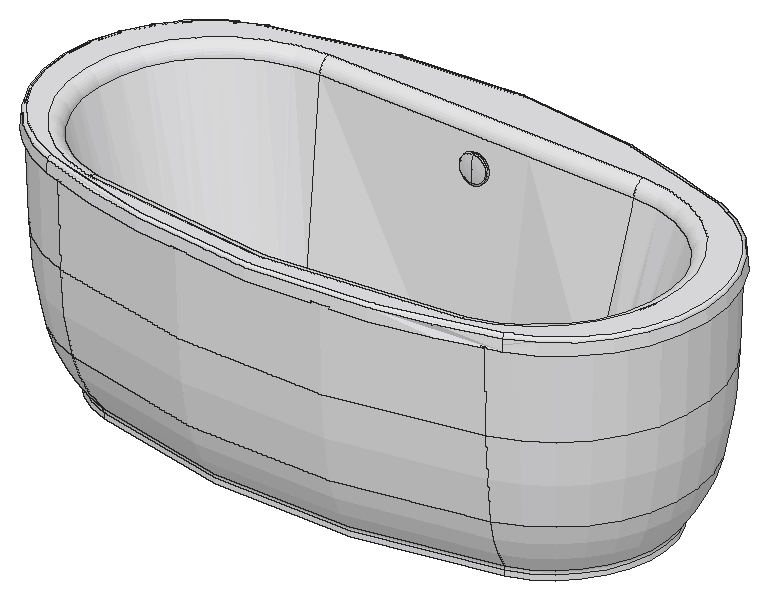
Revit family "Bath-Freestanding-VibrAcoustic-Heated_Surface-KOHLER-Sunstruck-K-1967", category Plumbing Fixtures, host Face, Revit 2015
Parameters (values of type "0-White")
  Width = 35 1/2"  # constant formula
  Waste Water Outlet = "Waste Water Outlet"  # constant formula
  Waste Connection = 1 = 1  # yes
  Voltage = 120 V  # constant formula
  Vent Connection = 1 = 0  # no
  URL = "https://www.us.kohler.com/us/"
  Type = 1
  Pump Electrical Connector = "Pump Electrical Connector"  # constant formula
  Product Page URL = "http://www.us.kohler.com/us/catalog/productDetails.jsp?productNumber=1967-VBW"
  Product Name = "Sunstruck"  # constant formula
  Product Documentation Link = "http://www.us.kohler.com/onlinecatalog/pdf/K-1967-VBW_spec.pdf"
  Model = if(Type = 1, "K-1967-VBW-0", if(Type = 2, "K-1967-VBW-96", "NA"))  # "K-1967-VBW-0"
  Material = "Acrylic"  # constant formula
  MasterFormat 2004 = "22.41.19"  # constant formula
  MasterFormat 1995 = "15410"  # constant formula
  Manufacturer Address = "444 Highland Dr, Kohler, WI 53044"  # constant formula
  Manufacturer = "KOHLER Co."  # constant formula
  Length = 65 1/2"  # constant formula
  Hot Water Inlet = "Hot Water Inlet"  # constant formula
  Height = 24 1/2"  # constant formula
  Heater Electrical Connector = "Heater Electrical Connector"  # constant formula
  HW Connection = 1 = 0  # no
  Finish = Kohler-Acrylic-0-White
  Environmental Product Declaration = ""
  Electrical Note = "One dedicated circuit required, protected with Class A Ground-Fault Circuit-Interrupter (GFCI) or Residual Current Device (RCD)"  # constant formula
  Electrical Connector = 1 = 1  # yes
  Drain Included = 1 = 0  # no
  Description = "66inch x 36inch oval freestanding VibrAcoustic bath with Bask heated surface and fluted shroud"  # constant formula
  Default Elevation = 0"
  Declare Label = ""
  Date Modified = "11/20/2018"  # constant formula
  Date Created = "11/20/2018"  # constant formula
  Copyright = "Copyright KOHLER Co."  # constant formula
  Contact Us = "https://www.us.kohler.com/us/static/contact.jsp"
  Cold Water Inlet = "Cold Water Inlet"  # constant formula
  CW Connection = 1 = 0  # no
  Blower Electrical Connector = "Blower Electrical Connector"  # constant formula
  Assembly Code = "D2010500"
  Apparent Load = 1800 VA  # constant formula
  Amplifier Electrical Connector = "Amplifier Electrical Connector"  # constant formula
  ADA Compliant = 1 = 0  # no
Types (3): name | Type | Model | Finish
  (no name) | 1 | "K-1967-VBW-0" | Kohler-Acrylic-0-White
  0-White | 1 | "K-1967-VBW-0" | Kohler-Acrylic-0-White
  96-Biscuit | 2 | "K-1967-VBW-96" | Kohler-Acrylic-96-Biscuit
Reference planes (in)
  plane 1 "Center (Front/Back)": y = 0
  plane 2: z = 0
  plane 3 "Center (Left/Right)": x = 0
  plane 4: y = 17.75
  plane 5: y = -17.75
  plane 6: x = -32.75
  plane 7: x = 32.75
  plane 8: y = 11.6875
  plane 9: y = -1.75
  plane 10: z = 24.5
Dimensions and locks (in)
  "Length": plane 6 to plane 7
  "Width": plane 5 to plane 4
  plane 8 to plane 4 = 6 1/16"
  plane 9 to plane 4 = 19 1/2"
  "Height": plane 10 to plane 2
  aligned and locked: plane 2 to host face
  aligned and locked: level to host face
Automatic sketch dimensions
  host sketch curve to host sketch curve = 96"  (x2)
Nested families (in)
  nested 1: "K-1967-VBW" at (0, 0, 0), type "K-1967-VBW"
Connectors (in)
  piping at (0, -1.75, 2.16901), diameter 1.5, driven by "Waste Connection", driven by "Waste Water Outlet"
    settings: on nested 1, index 1, connector inside diameter 24", connector length 0", flow factor 0, pipe flow 0 GPM, pressure drop 0.00 psi, fitting loss kfactor 0, connector angle 0.00°, fixture units 0, engagement length 0", angle of deflection 0.00°, flow configuration 0, flow direction 2, fitting loss method 0, system type 16, joint type 0, gender type 0, connector reference index -1, connector utility 1, adjustable connector no, is connector primary yes, connector description "Waste Water Outlet"
  electrical at (-6.48092, 13.7669, 3.14819), driven by "Voltage", driven by "Apparent Load", driven by "Electrical Connector", driven by "Amplifier Electrical Connector"
    settings: on nested 1, index 2, voltage 120 V, apparent load 1800 VA, apparent load phase1 0 VA, apparent load phase2 0 VA, apparent load phase3 0 VA, power factor 1, load classification "Power", number of poles 1, system type 30, power factor state 1, is connector primary yes, connector utility yes, sub classification motor no, connector description "Amplifier Electrical Connector"
Definition of nested family "K-1967-VBW"
  Parameters (values of type "K-1967-VB")
    Material = none
    Drain material = none
  Reference planes (in)
    plane 1 "Center (Front/Back)": y = 0
    plane 2: z = 0
    plane 3 "Center (Left/Right)": x = 0
    plane 4: x = 32.75
    plane 5: z = 24.5
    plane 6 "A": x = -6.48092
    plane 7: z = 24.5
    plane 8: x = -32.75
    plane 9: y = 17.75
    plane 10: y = -17.75
    plane 11: y = 11.6875
    plane 12 "B": x = 6.48092
    plane 13: y = -1.75
  Forms (in)
    Sweep 1, solid, material <- "Material", detail levels medium+fine
      path origin (0, -0.04277, 0) x (1, 0, 0) y (0, 1, 0)
        loop
          arc (21.72661, -14.69696) -> (32.60257, 0.04277) -> (21.72661, 14.78251) r 15.42605
          arc (21.72661, 14.78251) -> (-0.02801, 18.06389) -> (-21.78263, 14.78251) r 73.75415
          arc (-21.78263, 14.78251) -> (-32.6586, 0.04277) -> (-21.78263, -14.69696) r 15.42605
          arc (-21.78263, -14.69696) -> (-0.02801, -17.97834) -> (21.72661, -14.69696) r 73.75415
      profile origin (-0.02801, -18.02111, 0) x (0, -1, 0) y (0, 0, 1)
        loop
          line (-0.4345, 23.13802) -> (-0.93475, 23.13802) -> (-1.19445, 14.90118)
          arc (-1.19445, 14.90118) -> (-1.54469, 10.74957) -> (-2.32929, 6.65776) r 39.58955
          arc (-2.32929, 6.65776) -> (-3.33144, 3.94972) -> (-4.91176, 1.53304) r 12.87836
          arc (-4.91176, 1.53304) -> (-5.131, 1.14887) -> (-5.20709, 0.71314) r 1.28578
          line (-5.20709, 0.71314) -> (-5.20709, 0) -> (-4.88474, 0) -> (-4.88474, 0.51602)
          arc (-4.88474, 0.51602) -> (-4.83773, 0.77736) -> (-4.7026, 1.00595) r 0.75
          arc (-4.7026, 1.00595) -> (-2.9469, 3.60328) -> (-1.84387, 6.53789) r 13.37836
          arc (-1.84387, 6.53789) -> (-1.04936, 10.68138) -> (-0.6947, 14.88542) r 40.08955
          line (-0.6947, 14.88542) -> (-0.4345, 23.13802)
    Sweep 2, solid, material <- "Material", detail levels medium+fine
      path origin (0, -0.31152, 0) x (1, 0, 0) y (0, 1, 0)
        loop
          arc (-23.11404, -13.59407) -> (0, -17.43849) -> (23.11404, -13.59407) r 71.40724
          arc (23.11404, -13.59407) -> (32.75, 0.31152) -> (23.11404, 14.21712) r 14.85153
          arc (23.11404, 14.21712) -> (0, 18.06154) -> (-23.11404, 14.21712) r 71.40724
          arc (-23.11404, 14.21712) -> (-32.75, 0.31152) -> (-23.11404, -13.59407) r 14.85153
      profile origin (0, -17.75002, 0) x (0, 1, 0) y (0, 0, 1)
        loop
          line (0.00002, 23.01054) -> (0.11383, 23.01054) -> (0.2108, 24.11893)
          arc (0.2108, 24.11893) -> (0.29095, 24.28146) -> (0.45985, 24.34714) r 0.25
          line (0.45985, 24.34714) -> (0.61532, 24.34714) -> (0.61532, 24.5) -> (0.45098, 24.5)
          arc (0.45098, 24.5) -> (0.21457, 24.40807) -> (0.10238, 24.18057) r 0.34993
          line (0.10238, 24.18057) -> (0.00002, 23.01054)
    Sweep 3, solid, material <- "Material", detail levels medium+fine
      path origin (-0.65125, 0.37045, 0) x (1, 0, 0) y (0, 1, 0)
        loop
          arc (-13.80583, -12.20259) -> (0.30466, -13.64071) -> (14.40809, -12.13485) r 68.33389
          arc (14.40809, -12.13485) -> (22.61849, -2.05633) -> (14.545, 8.13219) r 10.37734
          arc (14.545, 8.13219) -> (0.24308, 9.71884) -> (-14.04948, 8.05002) r 63.60432
          arc (-14.04948, 8.05002) -> (-22.05987, -2.17412) -> (-13.80583, -12.20259) r 10.37154
      profile origin (-0.34659, -13.27026, 0) x (-0.002401, 0.999997, 0) y (0, 0, 1)
        loop
          line (-0.24, 6.51001) -> (-0.57074, 6.51001)
          arc (-0.57074, 6.51001) -> (0.5314, 4.46811) -> (2.71442, 3.68166) r 3.25
          line (2.71442, 3.68166) -> (3.01867, 3.68166) -> (3.01867, 4.03096) -> (2.71442, 4.03096)
          arc (2.71442, 4.03096) -> (0.78606, 4.73282) -> (-0.24, 6.51001) r 3
    Revolve 4, solid, material <- "Drain material", detail levels medium+fine
      sketch origin (0, -1.53027, -0.00106) x (0, 1, 0) y (0, 0, 1)
        loop
          line (13.43649, 20.42625) -> (12.55971, 20.48756)
          arc (12.55971, 20.48756) -> (12.54804, 19.82068) -> (12.6107, 19.15665) r 5.98011
          arc (12.6107, 19.15665) -> (12.6367, 19.1057) -> (12.68808, 19.08057) r 0.09037
          line (12.68808, 19.08057) -> (13.2483, 19.00565) -> (13.25711, 19.11625)
          arc (13.25711, 19.11625) -> (13.26951, 19.14061) -> (13.2958, 19.14811) r 0.03422
          line (13.2958, 19.14811) -> (13.34664, 19.14131) -> (13.43649, 20.42625)
        axis (12.55971, 20.48756) -> (13.43649, 20.42625)
      angle from 0 to 360
    Revolve 5, solid, material <- "Material", detail levels medium+fine
      sketch origin (0, 0, 0.0625) x (0, 1, 0) y (0, 0, 1)
        loop
          line (-1.75, 3.61916) -> (-1.75, 2.10651) -> (-1, 2.10651) -> (-1, 1.93586) -> (-0.80456, 1.93586) -> (-0.80456, 3.18586) -> (-0.44439, 3.18586)
          arc (-0.44439, 3.18586) -> (-0.27573, 3.2194) -> (-0.13275, 3.31494) r 0.44072
          line (-0.13275, 3.31494) -> (0.09371, 3.5414)
          arc (0.09371, 3.5414) -> (0.17783, 3.59812) -> (0.27708, 3.61916) r 0.2656
          line (0.27708, 3.61916) -> (-1.75, 3.61916)
        axis (-1.75, 3.61916) -> (-1.75, 1.93586)
      angle from 0 to 360
    Sweep 6, solid, material <- "Material", detail levels medium+fine
      path origin (0, 0, 0) x (1, 0, 0) y (0, 1, 0)
        loop
          arc (-15.91994, 11.6875) -> (-28.29768, 0.47984) -> (-18.37017, -12.94642) r 12.43882
          arc (-18.37017, -12.94642) -> (0.12996, -14.68833) -> (18.58936, -12.55759) r 89.15619
          arc (18.58936, -12.55759) -> (28.11574, 0.76078) -> (15.91994, 11.6875) r 12.2695
          line (15.91994, 11.6875) -> (-15.91994, 11.6875)
      profile origin (0, 11.6875, 0) x (0, 1, 0) y (0, 0, 1)
        loop
          line (0.003, 23.24357) -> (0.33352, 23.24357)
          arc (0.33352, 23.24357) -> (0.68246, 24.02627) -> (1.47708, 24.34717) r 1.14428
          line (1.47708, 24.34717) -> (1.56336, 24.34717) -> (1.56336, 24.5) -> (1.27278, 24.5)
          arc (1.27278, 24.5) -> (0.37961, 24.1328) -> (0.003, 23.24357) r 1.26985
    Revolve 7, solid, material <- "Drain material", detail levels medium+fine
      sketch origin (0, 0, 0) x (0, 1, 0) y (0, 0, 1)
        loop
          line (-1.75, 4.26235) -> (-1.75, 3.6439) -> (-0.38603, 3.6439) -> (0.06408, 4.04918)
          arc (0.06408, 4.04918) -> (0.07462, 4.09307) -> (0.03742, 4.11864) r 0.03984
          line (0.03742, 4.11864) -> (-0.18329, 4.11864)
          arc (-0.18329, 4.11864) -> (-0.24703, 4.10596) -> (-0.30106, 4.06985) r 0.16655
          line (-0.30106, 4.06985) -> (-0.40243, 3.96848)
          arc (-0.40243, 3.96848) -> (-0.45783, 3.93146) -> (-0.52319, 3.91846) r 0.17077
          line (-0.52319, 3.91846) -> (-1.20094, 3.91846) -> (-1.20094, 4.0675) -> (-0.40256, 4.0675)
          arc (-0.40256, 4.0675) -> (-0.37983, 4.07691) -> (-0.37042, 4.09963) r 0.03214
          line (-0.37042, 4.09963) -> (-0.37042, 4.14469)
          arc (-0.37042, 4.14469) -> (-0.37787, 4.16436) -> (-0.39647, 4.17416) r 0.02969
          arc (-0.39647, 4.17416) -> (-1.07196, 4.23785) -> (-1.75, 4.26235) r 11.72048
        axis (-1.75, 4.26235) -> (-1.75, 3.6439)
      angle from 0 to 360
    Extrusion 8, solid, material <- "Material", detail levels medium+fine
      sketch origin (0, 0, 0) x (1, 0, 0) y (0, 1, 0)
        loop
          arc (-22.9063, 13.32634) -> (-32.13468, 0) -> (-22.9063, -13.32634) r 14.23621
          arc (-22.9063, -13.32634) -> (0, -17.1347) -> (22.9063, -13.32634) r 70.79193
          arc (22.9063, -13.32634) -> (32.13468, 0) -> (22.9063, 13.32634) r 14.23621
          arc (22.9063, 13.32634) -> (0, 17.1347) -> (-22.9063, 13.32634) r 70.79193
        loop
          line (15.91994, 13.25086) -> (-15.91994, 13.25086)
          arc (-15.91994, 13.25086) -> (-29.85336, 0.63458) -> (-18.67813, -14.47915) r 14.00218
          arc (-18.67813, -14.47915) -> (0.14641, -16.2516) -> (18.9295, -14.0835) r 90.71954
          arc (18.9295, -14.0835) -> (29.66971, 0.93187) -> (15.91994, 13.25086) r 13.83286
      from 24.34714 to 24.5
    Blend 9, solid, material <- "Material", detail levels medium+fine
      base sketch origin (0, 0, 0) x (1, 0, 0) y (0, 1, 0)
        loop
          arc (-14.57357, -12.39087) -> (-0.34522, -13.841) -> (13.876, -12.32256) r 68.90463
          arc (13.876, -12.32256) -> (22.53797, -1.68973) -> (14.02044, 9.05914) r 10.94807
          arc (14.02044, 9.05914) -> (-0.40981, 10.66002) -> (-14.83062, 8.97623) r 64.17506
          arc (-14.83062, 8.97623) -> (-23.28182, -1.81054) -> (-14.57357, -12.39087) r 10.94228
      top sketch origin (0, 0, 0) x (1, 0, 0) y (0, 1, 0)
        loop
          arc (18.66192, -12.88312) -> (28.44726, 0.79728) -> (15.91994, 12.02102) r 12.60302
          line (15.91994, 12.02102) -> (-15.91994, 12.02102)
          arc (-15.91994, 12.02102) -> (-28.62956, 0.51285) -> (-18.43587, -13.27341) r 12.77234
          arc (-18.43587, -13.27341) -> (0.13347, -15.02183) -> (18.66192, -12.88312) r 89.48971
      from 6.51001 to 23.24357
    Blend 10, void
      base sketch origin (0, 0, 0) x (1, 0, 0) y (0, 1, 0)
        loop
          arc (13.80695, -11.99911) -> (22.20724, -1.6875) -> (13.94702, 8.73666) r 10.61734
          arc (13.94702, 8.73666) -> (-0.40886, 10.32929) -> (-14.75535, 8.65417) r 63.84432
          arc (-14.75535, 8.65417) -> (-22.9511, -1.80656) -> (-14.50607, -12.06709) r 10.61154
          arc (-14.50607, -12.06709) -> (-0.34601, -13.51026) -> (13.80695, -11.99911) r 68.5739
      top sketch origin (0, 0, 0) x (1, 0, 0) y (0, 1, 0)
        loop
          arc (-15.91994, 11.6905) -> (-28.30066, 0.48014) -> (-18.37077, -12.94936) r 12.44182
          arc (-18.37077, -12.94936) -> (0.13, -14.69133) -> (18.59001, -12.56052) r 89.15918
          arc (18.59001, -12.56052) -> (28.11872, 0.7611) -> (15.91994, 11.6905) r 12.2725
          line (15.91994, 11.6905) -> (-15.91994, 11.6905)
      from 6.51001 to 23.24357
    Extrusion 11, solid, material <- "Material", detail levels medium+fine
      sketch origin (0, 0, 0) x (1, 0, 0) y (0, 1, 0)
        loop
          arc (-14.01373, 5.48102) -> (-19.69267, -1.76736) -> (-13.841, -8.87701) r 7.35287
          arc (-13.841, -8.87701) -> (-0.35384, -10.2516) -> (13.12657, -8.81227) r 65.31523
          arc (13.12657, -8.81227) -> (18.94865, -1.66549) -> (13.22365, 5.55929) r 7.35867
          arc (13.22365, 5.55929) -> (-0.3995, 7.07063) -> (-14.01373, 5.48102) r 60.58565
      from 3.68166 to 4.03096
    Revolve 12, void
      sketch origin (0, 0, 0) x (0, 1, 0) y (0, 0, 1)
        loop
          line (-1.75, 3.59695) -> (-0.44323, 3.59695)
          arc (-0.44323, 3.59695) -> (-0.37132, 3.61126) -> (-0.31035, 3.65199) r 0.18792
          line (-0.31035, 3.65199) -> (-0.1023, 3.86005)
          arc (-0.1023, 3.86005) -> (0.08701, 3.98654) -> (0.31031, 4.03096) r 0.58351
          line (0.31031, 4.03096) -> (-1.75, 4.03096) -> (-1.75, 3.59695)
        axis (-1.75, 3.59695) -> (-1.75, 4.03096)
      angle from 0 to 360
    Extrusion 13, solid, material <- "Material", detail levels medium+fine
      sketch origin (0, 0, 0) x (1, 0, 0) y (0, 1, 0)
        loop
          line (1.90491, -7.35311) -> (1.90491, 4.84189) -> (3.58491, 6.52189) -> (8.15491, 6.52189)
          arc (8.15491, 6.52189) -> (10.02991, 8.39689) -> (8.15491, 10.27189) r 1.875
          line (8.15491, 10.27189) -> (1.90491, 10.27189) -> (1.90491, 10.55317)
          arc (1.90491, 10.55317) -> (0, 12.45809) -> (-1.90491, 10.55317) r 1.90491
          line (-1.90491, 10.55317) -> (-1.90491, 10.27189) -> (-8.15491, 10.27189)
          arc (-8.15491, 10.27189) -> (-10.02991, 8.39689) -> (-8.15491, 6.52189) r 1.875
          line (-8.15491, 6.52189) -> (-3.58491, 6.52189) -> (-1.90491, 4.84189) -> (-1.90491, -7.35311)
          arc (-1.90491, -7.35311) -> (0, -9.25802) -> (1.90491, -7.35311) r 1.90491
        loop
          arc (20.19072, -9.76431) -> (27.39549, 0) -> (20.19072, 9.76431) r 10.21896
          arc (20.19072, 9.76431) -> (-0.02801, 12.81403) -> (-20.24675, 9.76431) r 68.54706
          arc (-20.24675, 9.76431) -> (-27.45151, 0) -> (-20.24675, -9.76431) r 10.21896
          arc (-20.24675, -9.76431) -> (-0.02801, -12.81403) -> (20.19072, -9.76431) r 68.54706
      from 0 to 0.2482
    Extrusion 14, solid, material <- "Material", detail levels medium+fine
      sketch origin (0, 0, 0) x (1, 0, 0) y (0, 0, 1)
        loop
          circle (-6.48092, 3.14819) r 0.25
      from -13.7669 to -13.54994
    Extrusion 15, solid, material <- "Material", detail levels coarse
      sketch origin (0, 0, 0) x (1, 0, 0) y (0, 1, 0)
        loop
          arc (23.11404, 13.9056) -> (0, 17.75002) -> (-23.11404, 13.9056) r 71.40724
          arc (-23.11404, 13.9056) -> (-32.75, 0) -> (-23.11404, -13.9056) r 14.85153
          arc (-23.11404, -13.9056) -> (0, -17.75002) -> (23.11404, -13.9056) r 71.40724
          arc (23.11404, -13.9056) -> (32.75, 0) -> (23.11404, 13.9056) r 14.85153
      from 0 to 24.5
    Blend 16, void
      base sketch origin (0, 0, 0) x (1, 0, 0) y (0, 1, 0)
        loop
          arc (-14.50607, -12.06709) -> (-0.34601, -13.51026) -> (13.80695, -11.99911) r 68.5739
          arc (13.80695, -11.99911) -> (22.20724, -1.6875) -> (13.94702, 8.73666) r 10.61734
          arc (13.94702, 8.73666) -> (-0.40886, 10.32929) -> (-14.75535, 8.65417) r 63.84432
          arc (-14.75535, 8.65417) -> (-22.9511, -1.80656) -> (-14.50607, -12.06709) r 10.61154
      top sketch origin (0, 0, 0) x (1, 0, 0) y (0, 1, 0)
        loop
          arc (-18.37077, -12.94936) -> (0.13, -14.69133) -> (18.59001, -12.56052) r 89.15918
          arc (18.59001, -12.56052) -> (28.11872, 0.7611) -> (15.91994, 11.6905) r 12.2725
          line (15.91994, 11.6905) -> (-15.91994, 11.6905)
          arc (-15.91994, 11.6905) -> (-28.30066, 0.48014) -> (-18.37077, -12.94936) r 12.44182
      from 3.6439 to 24.5
  Cuts and joins
    joined: Revolve 4, Revolve 7
    Revolve 12 cuts Revolve 5
    Blend 10 cuts Blend 9
    Revolve 12 cuts Extrusion 11
    joined: Sweep 2, Sweep 3, Revolve 5, Sweep 6, Extrusion 8, Blend 9, Extrusion 11
    Blend 16 cuts Extrusion 15
    joined: Sweep 1, Extrusion 13
  Lines and regions (in)
    Masking region 1
      outline origin (0, 0, 0) x (1, 0, 0) y (0, 0, 1)
        loop
          arc (-32.29809, 24.5) -> (-32.53519, 24.4078) -> (-32.6477, 24.17964) r 0.35095
          line (-32.6477, 24.17964) -> (-32.74998, 23.01054) -> (-32.22183, 23.01054) -> (-31.95938, 14.68859)
          arc (-31.95938, 14.68859) -> (-31.87816, 13.17334) -> (-31.73033, 11.66313) r 34.46297
          arc (-31.73033, 11.66313) -> (-31.3294, 8.98638) -> (-30.77354, 6.33746) r 46.54007
          arc (-30.77354, 6.33746) -> (-29.72872, 3.56777) -> (-28.03212, 1.14201) r 11.89048
          arc (-28.03212, 1.14201) -> (-27.84065, 0.83067) -> (-27.77386, 0.47132) r 1
          line (-27.77386, 0.47132) -> (-27.77386, 0) -> (27.77386, 0) -> (27.77386, 0.47132)
          arc (27.77386, 0.47132) -> (27.84065, 0.83067) -> (28.03212, 1.14201) r 1
          arc (28.03212, 1.14201) -> (29.72872, 3.56777) -> (30.77354, 6.33746) r 11.89048
          arc (30.77354, 6.33746) -> (31.3294, 8.98638) -> (31.73033, 11.66313) r 46.54007
          arc (31.73033, 11.66313) -> (31.87816, 13.17334) -> (31.95938, 14.68859) r 34.46297
          line (31.95938, 14.68859) -> (32.22183, 23.01054) -> (32.74998, 23.01054) -> (32.6477, 24.17964)
          arc (32.6477, 24.17964) -> (32.53519, 24.4078) -> (32.29809, 24.5) r 0.35095
          line (32.29809, 24.5) -> (-32.29809, 24.5)
    Masking region 2
      outline origin (0, -0.32863, 0) x (0, 1, 0) y (0, 0, 1)
        loop
          line (17.62673, 24.5) -> (-16.96948, 24.5)
          arc (-16.96948, 24.5) -> (-17.20658, 24.4078) -> (-17.31909, 24.17964) r 0.35095
          line (-17.31909, 24.17964) -> (-17.42137, 23.01054) -> (-17.2526, 23.01054) -> (-16.96993, 14.04774)
          arc (-16.96993, 14.04774) -> (-16.52403, 9.61633) -> (-15.47486, 5.28788) r 32.4127
          arc (-15.47486, 5.28788) -> (-14.48668, 3.05092) -> (-13.03645, 1.08183) r 11.19792
          arc (-13.03645, 1.08183) -> (-12.86695, 0.81036) -> (-12.80775, 0.49585) r 0.86506
          line (-12.80775, 0.49585) -> (-12.80775, 0) -> (13.465, 0) -> (13.465, 0.49585)
          arc (13.465, 0.49585) -> (13.5242, 0.81036) -> (13.6937, 1.08183) r 0.86506
          arc (13.6937, 1.08183) -> (15.14393, 3.05092) -> (16.13211, 5.28788) r 11.19792
          arc (16.13211, 5.28788) -> (17.18128, 9.61633) -> (17.62718, 14.04774) r 32.4127
          line (17.62718, 14.04774) -> (17.90985, 23.01054) -> (18.07863, 23.01054) -> (17.97634, 24.17964)
          arc (17.97634, 24.17964) -> (17.86383, 24.4078) -> (17.62673, 24.5) r 0.35095
    Masking region 3
      outline origin (0, 0, 0) x (1, 0, 0) y (0, 1, 0)
        loop
          arc (-23.11404, -13.9056) -> (0, -17.75002) -> (23.11404, -13.9056) r 71.40724
          arc (23.11404, -13.9056) -> (32.75, 0) -> (23.11404, 13.9056) r 14.85153
          arc (23.11404, 13.9056) -> (0, 17.75002) -> (-23.11404, 13.9056) r 71.40724
          arc (-23.11404, 13.9056) -> (-32.75, 0) -> (-23.11404, -13.9056) r 14.85153
    symbolic lines, detail levels medium+fine
      curve 1: line (-32.22183, 0, 23.01054) -> (32.22183, 0, 23.01054)
      curve 2: line (-27.77696, 0, 0.55003) -> (27.77696, 0, 0.55003)
      curve 3: line (0, 17.58122, 23.01054) -> (0, -17.58122, 23.01054)
      curve 4: line (0, 13.13638, 0.55003) -> (0, -13.13807, 0.55003)
      curve 5: arc (-18.37077, -12.94936, 0) -> (-28.30066, 0.48014, 0) -> (-15.91994, 11.6905, 0) r 12.44182
      curve 6: arc (18.59001, -12.56052, 0) -> (0.13, -14.69133, 0) -> (-18.37077, -12.94936, 0) r 89.15918
      curve 7: arc (15.91994, 11.6905, 0) -> (28.11872, 0.7611, 0) -> (18.59001, -12.56052, 0) r 12.2725
      curve 8: line (-15.91994, 11.6905, 0) -> (15.91994, 11.6905, 0)
      curve 9: arc (-14.75535, 8.65417, 0) -> (-0.40886, 10.32929, 0) -> (13.94702, 8.73666, 0) r 63.84432
      curve 10: arc (-14.50607, -12.06709, 0) -> (-22.9511, -1.80656, 0) -> (-14.75535, 8.65417, 0) r 10.61154
      curve 11: arc (13.80695, -11.99911, 0) -> (-0.34601, -13.51026, 0) -> (-14.50607, -12.06709, 0) r 68.5739
      curve 12: arc (13.94702, 8.73666, 0) -> (22.20724, -1.6875, 0) -> (13.80695, -11.99911, 0) r 10.61734
      curve 13: circle (0, -1.75, 0) r 2.02708 normal (0, 0, -1)
      curve 14: circle (0, -1.75, 0) r 1.36397 normal (0, 0, -1)
      curve 15: spline (1.41532, 11.58219, 0) -> (1.32696, 11.60503, 0) -> (1.164, 11.62577, 0) -> (0.93559, 11.64326, 0) -> (0.65457, 11.6565, 0) -> (0.33675, 11.66476, 0) -> (0, 11.66757, 0) -> (-0.33675, 11.66476, 0) -> (-0.65457, 11.6565, 0) -> (-0.93559, 11.64326, 0) -> (-1.164, 11.62577, 0) -> (-1.32696, 11.60503, 0) -> (-1.41532, 11.58219, 0)
      curve 16: line (-1.41532, 11.58219, 0) -> (-1.3947, 11.25732, 0)
      curve 17: arc (-1.30786, 11.15618, 0) -> (0, 11.01489, 0) -> (1.30786, 11.15618, 0) r 6.12378
      curve 18: arc (-1.3947, 11.25732, 0) -> (-1.36821, 11.19222, 0) -> (-1.30786, 11.15618, 0) r 0.11071
      curve 19: line (1.41532, 11.58219, 0) -> (1.3947, 11.25732, 0)
      curve 20: arc (1.3947, 11.25732, 0) -> (1.36821, 11.19222, 0) -> (1.30786, 11.15618, 0) r 0.11071
  Dimensions and locks (in)
    plane 5 to level = 24 1/2"
    plane 7 to level = 24 1/2"
    equal spacing: plane 8, plane 3 "Center (Left/Right)", plane 4
    locked: plane 8 to plane 4 at 65.5
    locked: plane 10 to plane 9 at 35.5
    equal spacing: plane 9, plane 1 "Center (Front/Back)", plane 10
    locked: plane 9 to plane 11 at 6.0625
    plane 9 to plane 13 = 19 1/2"
    aligned and locked: plane 2 to level
  Automatic sketch dimensions
    curve 13 to curve 14 = 0"  (x2)
    curve 17 to plane 3 "Center (Left/Right)" = 0"
    curve 13 to plane 3 "Center (Left/Right)" = 0"
    curve 15 to plane 3 "Center (Left/Right)" = 0"
    plane 6 "A" to curve 10 = 5.85941"
    plane 1 "Center (Front/Back)" to curve 5 = 0.75132"
    curve 5 to curve 10 = 3.57961"
    curve 16 to plane 11 = 0.10531"
    curve 16 to plane 3 "Center (Left/Right)" = 1.41532"
    curve 16 to plane 11 = 0.43018"
    curve 15 to curve 16 = 0.02062"
    curve 16 to curve 18 = 0.11048"
    curve 6 to plane 3 "Center (Left/Right)" = 0.80795"
    curve 11 to plane 3 "Center (Left/Right)" = 0.51065"
    curve 9 to plane 3 "Center (Left/Right)" = 0.22538"
    curve 20 to plane 11 = 0.42317"
    plane 3 "Center (Left/Right)" to curve 20 = 1.28421"
    curve 19 to plane 11 = 0.43018"
    curve 20 to curve 19 = 0.11048"
    curve 19 to plane 11 = 0.10531"
    plane 12 "B" to curve 12 = 5.10922"
    plane 1 "Center (Front/Back)" to curve 7 = 0.582"
    curve 12 to curve 7 = 4.3298"
    plane 10 to curve 9 = 35.76477"
    curve 16 to curve 18 = 0.00701"
    plane 11 to curve 8 = 0.003"
    curve 17 to plane 9 = 0.61132"
    plane 9 to curve 11 = 37.31344"
    curve 11 to curve 6 = 19.39949"
    curve 5 to curve 10 = 3.8647"
    curve 11 to curve 10 = 0"
    curve 9 to curve 10 = 0"
    curve 6 to curve 5 = 0"
    curve 15 to curve 15 = 0.01495"
    curve 17 to curve 18 = 0"
    curve 12 to curve 11 = 0"
    curve 15 to plane 11 = 0.1197"
    plane 1 "Center (Front/Back)" to Sweep 1 sketch curve = 0"  (x2)
    plane 6 "A" to Sweep 1 sketch curve = 10.75162"
    Sweep 1 sketch curve to plane 3 "Center (Left/Right)" = 0.02801"  (x2)
    plane 12 "B" to Sweep 1 sketch curve = 10.6956"
    plane 10 to Sweep 1 sketch curve = 37.98303"
    plane 9 to Sweep 1 sketch curve = 37.98303"
    Sweep 1 sketch curve to plane 9 = 3.01027"
    Sweep 1 sketch curve to Sweep 1 sketch curve = 0"  (x9)
    plane 1 "Center (Front/Back)" to Sweep 2 sketch curve = 0"  (x2)
    Sweep 2 sketch curve to plane 3 "Center (Left/Right)" = 0"  (x2)
    plane 6 "A" to Sweep 2 sketch curve = 11.41755"
    plane 12 "B" to Sweep 2 sketch curve = 11.41755"
    plane 10 to Sweep 2 sketch curve = 35.90723"
    plane 9 to Sweep 2 sketch curve = 35.90723"
    plane 11 to Sweep 2 sketch curve = 2.2181"
    plane 8 to Sweep 2 sketch curve = 9.63596"
    Sweep 2 sketch curve to plane 10 = 3.8444"  (x2)
    Sweep 2 sketch curve to profile plane = 0"
    Sweep 2 sketch curve to profile plane = 0.10238"
    Sweep 2 sketch curve to Sweep 2 sketch curve = 0.11381"
    Sweep 2 sketch curve to Sweep 2 sketch curve = 0.10842"
    Sweep 2 sketch curve to Sweep 2 sketch curve = 0.24018"
    Sweep 2 sketch curve to Sweep 2 sketch curve = 0.00887"
    Sweep 2 sketch curve to Sweep 2 sketch curve = 0.16433"
    level to Sweep 2 sketch curve = 23.01054"
    Sweep 2 sketch curve to Sweep 2 sketch curve = 1.0866"
    Sweep 2 sketch curve to Sweep 2 sketch curve = 0.02179"
    Sweep 2 sketch curve to Sweep 2 sketch curve = 0.05293"
    Sweep 2 sketch curve to Sweep 2 sketch curve = 0.06164"
    plane 6 "A" to Sweep 3 sketch curve = 5.85941"
    Sweep 3 sketch curve to plane 3 "Center (Left/Right)" = 0.51065"
    Sweep 3 sketch curve to plane 3 "Center (Left/Right)" = 0.22538"
    plane 12 "B" to Sweep 3 sketch curve = 5.10922"
    plane 10 to Sweep 3 sketch curve = 35.76477"
    plane 9 to Sweep 3 sketch curve = 37.31344"
    Sweep 3 sketch curve to plane 10 = 5.91786"
    Sweep 3 sketch curve to Sweep 3 sketch curve = 0"  (x4)
    profile plane to Sweep 3 sketch curve = 0.57074"
    profile plane to Sweep 3 sketch curve = 0.24"
    Sweep 3 sketch curve to profile plane = 2.65187"
    Sweep 3 sketch curve to Sweep 3 sketch curve = 0.06255"
    Sweep 3 sketch curve to Sweep 3 sketch curve = 0.30425"
    level to Sweep 3 sketch curve = 3.68166"
    Sweep 3 sketch curve to Sweep 3 sketch curve = 0.3493"
    Sweep 3 sketch curve to Sweep 3 sketch curve = 2.47906"
    Revolve 4 sketch curve to plane 11 = 0.65806"
    Revolve 4 sketch curve to plane 11 = 0.52969"
    Revolve 4 sketch curve to Revolve 4 sketch curve = 0.01198"
    plane 11 to Revolve 4 sketch curve = 0.03053"
    plane 11 to Revolve 4 sketch curve = 0.03934"
    Revolve 4 sketch curve to Revolve 4 sketch curve = 0.03416"
    Revolve 4 sketch curve to Revolve 4 sketch curve = 0.00454"
    Revolve 4 sketch curve to Revolve 4 sketch curve = 0.05083"
    plane 11 to Revolve 4 sketch curve = 0.21872"
    Revolve 4 sketch curve to plane 9 = 0.75651"
    Revolve 4 sketch curve to plane 7 = 5.49541"
    Revolve 4 sketch curve to Revolve 4 sketch curve = 0.07492"
    Revolve 4 sketch curve to Revolve 4 sketch curve = 0.10854"
    Revolve 4 sketch curve to Revolve 4 sketch curve = 0.00206"
    Revolve 4 sketch curve to Revolve 4 sketch curve = 0.0068"
    Revolve 4 sketch curve to Revolve 4 sketch curve = 0.08957"
    Revolve 4 sketch curve to plane 7 = 4.45147"
    Revolve 4 sketch curve to Revolve 4 sketch curve = 1.27814"
    Revolve 4 sketch curve to Revolve 4 sketch curve = 0.00318"
    Revolve 4 sketch curve to Revolve 4 sketch curve = 0.12397"
    Revolve 4 sketch curve to Revolve 4 sketch curve = 0.00867"
    Revolve 4 sketch curve to Revolve 4 sketch curve = 0.00022"
    plane 1 "Center (Front/Back)" to Revolve 5 sketch curve = 0.80456"
    plane 1 "Center (Front/Back)" to Revolve 5 sketch curve = 0.44439"
    plane 1 "Center (Front/Back)" to Revolve 5 sketch curve = 0.13275"
    Revolve 5 sketch curve to plane 1 "Center (Front/Back)" = 0.09371"
    Revolve 5 sketch curve to Revolve 5 sketch curve = 0.18338"
    Revolve 5 sketch curve to Revolve 5 sketch curve = 0.00443"
    level to Revolve 5 sketch curve = 1.99836"
    Revolve 5 sketch curve to Revolve 5 sketch curve = 0.17066"
    Revolve 5 sketch curve to Revolve 5 sketch curve = 1.07934"
    Revolve 5 sketch curve to Revolve 5 sketch curve = 0.12909"
    Revolve 5 sketch curve to Revolve 5 sketch curve = 0.03866"
    Revolve 5 sketch curve to Revolve 5 sketch curve = 0.18781"
    Revolve 5 sketch curve to Revolve 5 sketch curve = 0.3304"
    Revolve 5 sketch curve to Revolve 5 sketch curve = 0.4196"
    Sweep 6 sketch curve to plane 11 = 0"
    plane 6 "A" to Sweep 6 sketch curve = 9.43902"
    Sweep 6 sketch curve to plane 3 "Center (Left/Right)" = 0.80795"
    plane 12 "B" to Sweep 6 sketch curve = 9.43902"
    plane 1 "Center (Front/Back)" to Sweep 6 sketch curve = 0.582"
    plane 1 "Center (Front/Back)" to Sweep 6 sketch curve = 0.75132"
    plane 9 to Sweep 6 sketch curve = 56.71292"
    Sweep 6 sketch curve to Sweep 6 sketch curve = 0"
    Sweep 6 sketch curve to profile plane = 0.003"
    Sweep 6 sketch curve to Sweep 6 sketch curve = 0.33052"
    Sweep 6 sketch curve to profile plane = 1.27278"
    Sweep 6 sketch curve to Sweep 6 sketch curve = 0.2043"
    Sweep 6 sketch curve to Sweep 6 sketch curve = 0.08628"
    level to Sweep 6 sketch curve = 23.20288"
    Sweep 6 sketch curve to Sweep 6 sketch curve = 0.02726"
    Sweep 6 sketch curve to Sweep 6 sketch curve = 0.01342"
    plane 1 "Center (Front/Back)" to Revolve 7 sketch curve = 0.52319"
    Revolve 7 sketch curve to Revolve 7 sketch curve = 0.12063"
    Revolve 7 sketch curve to Revolve 7 sketch curve = 0.00013"
    Revolve 7 sketch curve to Revolve 7 sketch curve = 0.00244"
    Revolve 7 sketch curve to Revolve 7 sketch curve = 0.13715"
    Revolve 7 sketch curve to Revolve 7 sketch curve = 0.03214"
    Revolve 7 sketch curve to Revolve 7 sketch curve = 0.06936"
    plane 1 "Center (Front/Back)" to Revolve 7 sketch curve = 0.18329"
    Revolve 7 sketch curve to plane 1 "Center (Front/Back)" = 0.03742"
    Revolve 7 sketch curve to Revolve 7 sketch curve = 0.02666"
    Revolve 7 sketch curve to level = 7.45782"
    level to Revolve 7 sketch curve = 3.6439"
    Revolve 7 sketch curve to Revolve 7 sketch curve = 0.27457"
    Revolve 7 sketch curve to Revolve 7 sketch curve = 0.03362"
    Revolve 7 sketch curve to Revolve 7 sketch curve = 0.05002"
    Revolve 7 sketch curve to Revolve 7 sketch curve = 0.0971"
    Revolve 7 sketch curve to Revolve 7 sketch curve = 0.14903"
    Revolve 7 sketch curve to Revolve 7 sketch curve = 0.02978"
    Revolve 7 sketch curve to Revolve 7 sketch curve = 0.04506"
    Revolve 7 sketch curve to Revolve 7 sketch curve = 0.19485"
    Revolve 7 sketch curve to Revolve 7 sketch curve = 0.23445"
    Revolve 7 sketch curve to Revolve 7 sketch curve = 0"  (x2)
    plane 1 "Center (Front/Back)" to Extrusion 8 sketch curve = 0"  (x2)
    Extrusion 8 sketch curve to plane 3 "Center (Left/Right)" = 0"  (x2)
    Extrusion 8 sketch curve to plane 3 "Center (Left/Right)" = 0.80795"
    plane 1 "Center (Front/Back)" to Extrusion 8 sketch curve = 0.75132"
    plane 6 "A" to Extrusion 8 sketch curve = 9.43902"
    Extrusion 8 sketch curve to Extrusion 8 sketch curve = 1.97853"  (x2)
    plane 11 to Extrusion 8 sketch curve = 1.56336"
    plane 12 "B" to Extrusion 8 sketch curve = 9.43902"
    plane 10 to Extrusion 8 sketch curve = 35.90723"
    plane 1 "Center (Front/Back)" to Extrusion 8 sketch curve = 0.582"
    plane 9 to Extrusion 8 sketch curve = 35.90723"
    Extrusion 8 sketch curve to Extrusion 8 sketch curve = 20.8057"
    Extrusion 8 sketch curve to Extrusion 8 sketch curve = 0"
    plane 11 to Extrusion 8 sketch curve = 1.63884"  (x2)
    Extrusion 8 sketch curve to Extrusion 8 sketch curve = 6.98635"
    Extrusion 8 sketch curve to Extrusion 8 sketch curve = 4.22817"
    plane 6 "A" to Blend 9 sketch curve = 5.85941"
    Blend 9 sketch curve to plane 3 "Center (Left/Right)" = 0.51065"
    Blend 9 sketch curve to plane 3 "Center (Left/Right)" = 0.22538"
    plane 12 "B" to Blend 9 sketch curve = 5.10922"
    plane 10 to Blend 9 sketch curve = 35.76477"
    plane 9 to Blend 9 sketch curve = 37.31344"
    Blend 9 sketch curve to plane 10 = 5.35913"
    Blend 9 sketch curve to Blend 9 sketch curve = 0"  (x4)
    plane 1 "Center (Front/Back)" to Blend 9 sketch curve = 0.75132"
    plane 6 "A" to Blend 9 sketch curve = 9.43902"
    Blend 9 sketch curve to plane 3 "Center (Left/Right)" = 0.80795"
    plane 11 to Blend 9 sketch curve = 0.33352"
    plane 12 "B" to Blend 9 sketch curve = 9.43902"
    plane 1 "Center (Front/Back)" to Blend 9 sketch curve = 0.582"
    plane 9 to Blend 9 sketch curve = 56.71292"
    plane 6 "A" to Blend 10 sketch curve = 5.85941"
    Blend 10 sketch curve to plane 3 "Center (Left/Right)" = 0.51065"
    Blend 10 sketch curve to plane 3 "Center (Left/Right)" = 0.22538"
    plane 12 "B" to Blend 10 sketch curve = 5.10922"
    plane 10 to Blend 10 sketch curve = 35.76477"
    plane 9 to Blend 10 sketch curve = 37.31344"
    Blend 10 sketch curve to plane 10 = 5.68291"
    Blend 10 sketch curve to Blend 10 sketch curve = 0"  (x4)
    plane 11 to Blend 10 sketch curve = 0.003"
    plane 6 "A" to Blend 10 sketch curve = 9.43902"
    Blend 10 sketch curve to plane 3 "Center (Left/Right)" = 0.80795"
    plane 12 "B" to Blend 10 sketch curve = 9.43902"
    plane 1 "Center (Front/Back)" to Blend 10 sketch curve = 0.582"
    plane 1 "Center (Front/Back)" to Blend 10 sketch curve = 0.75132"
    plane 9 to Blend 10 sketch curve = 56.71292"
    plane 6 "A" to Extrusion 11 sketch curve = 5.85941"
    Extrusion 11 sketch curve to plane 3 "Center (Left/Right)" = 0.51065"
    Extrusion 11 sketch curve to plane 3 "Center (Left/Right)" = 0.22538"
    plane 12 "B" to Extrusion 11 sketch curve = 5.10922"
    plane 10 to Extrusion 11 sketch curve = 35.76477"
    plane 9 to Extrusion 11 sketch curve = 37.31344"
    Extrusion 11 sketch curve to Extrusion 11 sketch curve = 0"  (x3)
    plane 1 "Center (Front/Back)" to Revolve 12 sketch curve = 0.44323"
    Revolve 12 sketch curve to Revolve 12 sketch curve = 0.13288"
    plane 1 "Center (Front/Back)" to Revolve 12 sketch curve = 0.1023"
    Revolve 12 sketch curve to plane 1 "Center (Front/Back)" = 0.31031"
    level to Revolve 12 sketch curve = 3.44745"
    Revolve 12 sketch curve to Revolve 12 sketch curve = 0.14951"
    Revolve 12 sketch curve to Revolve 12 sketch curve = 0.05504"
    Revolve 12 sketch curve to Revolve 12 sketch curve = 0.20806"
    Revolve 12 sketch curve to Revolve 12 sketch curve = 0.434"
    Revolve 12 sketch curve to Revolve 12 sketch curve = 0"  (x3)
    Revolve 12 sketch curve to Revolve 12 sketch curve = 0.3486"
    Extrusion 13 sketch curve to plane 3 "Center (Left/Right)" = 0"  (x2)
    Extrusion 13 sketch curve to plane 3 "Center (Left/Right)" = 1.90491"  (x2)
    Extrusion 13 sketch curve to Extrusion 13 sketch curve = 1.68"  (x2)
    plane 6 "A" to Extrusion 13 sketch curve = 1.67399"
    plane 12 "B" to Extrusion 13 sketch curve = 1.67399"
    Extrusion 13 sketch curve to plane 11 = 6.84561"  (x2)
    Extrusion 13 sketch curve to plane 11 = 5.16561"  (x2)
    Extrusion 13 sketch curve to plane 11 = 3.29061"  (x2)
    Extrusion 13 sketch curve to Extrusion 13 sketch curve = 0.28128"
    plane 1 "Center (Front/Back)" to Masking region 3 sketch curve = 0"  (x2)
    Masking region 3 sketch curve to plane 3 "Center (Left/Right)" = 0"  (x2)
    plane 6 "A" to Masking region 3 sketch curve = 11.41755"
    plane 12 "B" to Masking region 3 sketch curve = 11.41755"
    plane 10 to Masking region 3 sketch curve = 35.90723"
    plane 9 to Masking region 3 sketch curve = 35.90723"
    plane 11 to Masking region 3 sketch curve = 2.2181"
    plane 8 to Masking region 3 sketch curve = 9.63596"
    Masking region 3 sketch curve to plane 10 = 3.8444"  (x2)
    plane 6 "A" to Extrusion 14 sketch curve = 0"
    level to Extrusion 14 sketch curve = 3.14819"
    plane 1 "Center (Front/Back)" to Extrusion 15 sketch curve = 0"  (x2)
    Extrusion 15 sketch curve to plane 3 "Center (Left/Right)" = 0"  (x2)
    plane 6 "A" to Extrusion 15 sketch curve = 11.41755"
    plane 12 "B" to Extrusion 15 sketch curve = 11.41755"
    plane 10 to Extrusion 15 sketch curve = 35.90723"
    plane 9 to Extrusion 15 sketch curve = 35.90723"
    Extrusion 15 sketch curve to plane 10 = 3.8444"  (x2)
    plane 8 to Extrusion 15 sketch curve = 9.63596"
    plane 11 to Extrusion 15 sketch curve = 2.2181"
    plane 6 "A" to Blend 16 sketch curve = 5.85941"
    Blend 16 sketch curve to plane 3 "Center (Left/Right)" = 0.51065"
    Blend 16 sketch curve to plane 3 "Center (Left/Right)" = 0.22538"
    plane 12 "B" to Blend 16 sketch curve = 5.10922"
    plane 10 to Blend 16 sketch curve = 35.76477"
    plane 9 to Blend 16 sketch curve = 37.31344"
    Blend 16 sketch curve to plane 10 = 5.68291"
    Blend 16 sketch curve to Blend 16 sketch curve = 0"  (x4)
    plane 11 to Blend 16 sketch curve = 0.003"
    plane 6 "A" to Blend 16 sketch curve = 9.43902"
    Blend 16 sketch curve to plane 3 "Center (Left/Right)" = 0.80795"
    plane 1 "Center (Front/Back)" to Blend 16 sketch curve = 0.582"
    plane 12 "B" to Blend 16 sketch curve = 9.43902"
    plane 1 "Center (Front/Back)" to Blend 16 sketch curve = 0.75132"
    plane 9 to Blend 16 sketch curve = 56.71292"
    plane 1 "Center (Front/Back)" to curve 14 = 1 3/4"
    plane 1 "Center (Front/Back)" to curve 10 = 1.67891"
    plane 1 "Center (Front/Back)" to curve 12 = 1.61578"
    plane 1 "Center (Front/Back)" to Sweep 3 sketch curve = 1.67891"
    plane 1 "Center (Front/Back)" to Sweep 3 sketch curve = 1.61578"
    Revolve 5 sketch curve to Revolve 5 sketch curve = 0.19544"
    Revolve 5 sketch curve to Revolve 5 sketch curve = 3/4"
    Revolve 5 sketch curve to Revolve 5 sketch curve = 0"
    Revolve 7 sketch curve to Revolve 7 sketch curve = 0.67776"
    Revolve 7 sketch curve to Revolve 7 sketch curve = 0.54906"
    plane 1 "Center (Front/Back)" to Revolve 7 sketch curve = 1.83398"
    plane 1 "Center (Front/Back)" to Blend 9 sketch curve = 1.67891"
    plane 1 "Center (Front/Back)" to Blend 9 sketch curve = 1.61578"
    plane 1 "Center (Front/Back)" to Blend 10 sketch curve = 1.67891"
    plane 1 "Center (Front/Back)" to Blend 10 sketch curve = 1.61578"
    plane 1 "Center (Front/Back)" to Extrusion 11 sketch curve = 1.67891"
    plane 1 "Center (Front/Back)" to Extrusion 11 sketch curve = 1.61578"
    Extrusion 11 sketch curve to Extrusion 11 sketch curve = 1.50067"
    Revolve 12 sketch curve to Revolve 12 sketch curve = 1.30677"
    plane 1 "Center (Front/Back)" to Extrusion 13 sketch curve = 7.35311"
    plane 1 "Center (Front/Back)" to Blend 16 sketch curve = 1.67891"
    plane 1 "Center (Front/Back)" to Blend 16 sketch curve = 1.61578"
    Sweep 1 sketch curve to level = 0"
    level to Sweep 1 sketch curve = 16.1488"
    profile plane to Sweep 1 sketch curve = 40.76433"
    profile plane to Sweep 1 sketch curve = 14.8321"
    level to Sweep 1 sketch curve = 0.71314"
    profile plane to Sweep 1 sketch curve = 5.20709"
    Sweep 1 sketch curve to Sweep 1 sketch curve = 0.32235"
    Sweep 1 sketch curve to Sweep 1 sketch curve = 3/4"
    Sweep 1 sketch curve to Sweep 1 sketch curve = 0.21343"
    profile plane to Sweep 1 sketch curve = 1.19445"
    profile plane to Sweep 1 sketch curve = 0.93475"
    Sweep 1 sketch curve to Sweep 1 sketch curve = 0.49975"
    profile plane to Sweep 1 sketch curve = 0.4345"
    Sweep 1 sketch curve to Sweep 1 sketch curve = 0.19712"
    level to Sweep 1 sketch curve = 9.74517"
    Sweep 1 sketch curve to Sweep 1 sketch curve = 13.35238"
    Sweep 1 sketch curve to Sweep 1 sketch curve = 0.01576"
    Sweep 1 sketch curve to Sweep 1 sketch curve = 8.23684"
    plane 1 "Center (Front/Back)" to Extrusion 13 sketch curve = 0"  (x2)
    plane 6 "A" to Extrusion 13 sketch curve = 10.75162"
    Extrusion 13 sketch curve to plane 3 "Center (Left/Right)" = 0.02801"  (x2)
    plane 12 "B" to Extrusion 13 sketch curve = 10.6956"
    plane 10 to Extrusion 13 sketch curve = 37.98303"
    plane 9 to Extrusion 13 sketch curve = 37.98303"
    Extrusion 13 sketch curve to plane 10 = 7.98569"
    Extrusion 13 sketch curve to Extrusion 13 sketch curve = 0"  (x3)
    plane 8 to Masking region 1 sketch curve = 0"
    plane 8 to Masking region 1 sketch curve = 0.1023"
    Masking region 1 sketch curve to Masking region 1 sketch curve = 0.34961"
    Masking region 1 sketch curve to Masking region 1 sketch curve = 0.52815"
    plane 8 to Masking region 1 sketch curve = 0.79062"
    level to Masking region 1 sketch curve = 0.47132"  (x2)
    plane 8 to Masking region 1 sketch curve = 3.97614"
    Masking region 1 sketch curve to Masking region 1 sketch curve = 1"  (x2)
    Masking region 1 sketch curve to Masking region 1 sketch curve = 8.56141"
    plane 6 "A" to Masking region 1 sketch curve = 7.99638"
    Masking region 1 sketch curve to plane 3 "Center (Left/Right)" = 2.48647"
    plane 3 "Center (Left/Right)" to Masking region 1 sketch curve = 2.48647"
    plane 12 "B" to Masking region 1 sketch curve = 7.99638"
    Masking region 1 sketch curve to Masking region 1 sketch curve = 4.73515"
    plane 4 to Masking region 1 sketch curve = 4.97614"
    plane 4 to Masking region 1 sketch curve = 0.79062"
    plane 4 to Masking region 1 sketch curve = 0.52817"
    plane 4 to Masking region 1 sketch curve = 0.45191"
    plane 4 to Masking region 1 sketch curve = 0.1023"
    plane 4 to Masking region 1 sketch curve = 0"
    level to Masking region 1 sketch curve = 9.11677"  (x2)
    Masking region 1 sketch curve to Masking region 1 sketch curve = 0"  (x5)
    Masking region 1 sketch curve to Masking region 1 sketch curve = 8.0991"  (x2)
    Masking region 1 sketch curve to Masking region 1 sketch curve = 0.35095"  (x2)
    Masking region 1 sketch curve to level = 0"
    Masking region 1 sketch curve to plane 7 = 0"
    Masking region 1 sketch curve to Masking region 1 sketch curve = 9.46047"
    Masking region 1 sketch curve to Masking region 1 sketch curve = 8.35113"
    Masking region 1 sketch curve to Masking region 1 sketch curve = 1.44093"
    Masking region 1 sketch curve to Masking region 1 sketch curve = 1.13852"  (x2)
    plane 8 to curve 1 = 0.52817"
    level to curve 2 = 0.55003"
    plane 8 to curve 2 = 4.97304"
    plane 4 to curve 2 = 4.97304"
    plane 4 to curve 1 = 0.52817"
    curve 1 to plane 7 = 1.48946"
    Masking region 2 sketch curve to plane 10 = 0"
    Masking region 2 sketch curve to plane 5 = 0"
    Masking region 2 sketch curve to level = 0"
    Masking region 2 sketch curve to plane 9 = 0"
    Masking region 2 sketch curve to plane 10 = 0.10228"
    Masking region 2 sketch curve to Masking region 2 sketch curve = 0.16878"  (x2)
    Masking region 2 sketch curve to plane 10 = 0.45144"
    Masking region 2 sketch curve to plane 10 = 0.45189"
    Masking region 2 sketch curve to Masking region 2 sketch curve = 2.20052"
    level to Masking region 2 sketch curve = 0.49585"  (x2)
    Masking region 2 sketch curve to plane 10 = 3.74857"
    Masking region 2 sketch curve to Masking region 2 sketch curve = 0.86506"  (x2)
    Masking region 2 sketch curve to plane 13 = 3.37765"
    Masking region 2 sketch curve to plane 1 "Center (Front/Back)" = 5.12765"
    plane 11 to Masking region 2 sketch curve = 1.44888"
    Masking region 2 sketch curve to plane 9 = 2.65197"
    Masking region 2 sketch curve to plane 9 = 0.45189"
    Masking region 2 sketch curve to plane 9 = 0.45144"
    Masking region 2 sketch curve to plane 9 = 0.10228"
    level to Masking region 2 sketch curve = 8.66721"  (x2)
    Masking region 2 sketch curve to plane 5 = 10.45226"  (x2)
    Masking region 2 sketch curve to Masking region 2 sketch curve = 1.02172"  (x2)
    Masking region 2 sketch curve to plane 5 = 1.48946"  (x2)
    Masking region 2 sketch curve to Masking region 2 sketch curve = 0.35095"  (x2)
    Masking region 2 sketch curve to Masking region 2 sketch curve = 0"  (x2)
    curve 3 to plane 10 = 0.16878"
    level to curve 4 = 0.55003"
    curve 4 to plane 10 = 4.61193"
    plane 11 to curve 4 = 1.44888"
    curve 3 to plane 9 = 0.16878"
    curve 3 to plane 7 = 1.48946"
    radius of curve 13 = 2.02708"
    radius of curve 14 = 1.36397"
    radius of Extrusion 14 sketch curve = 1/4"
